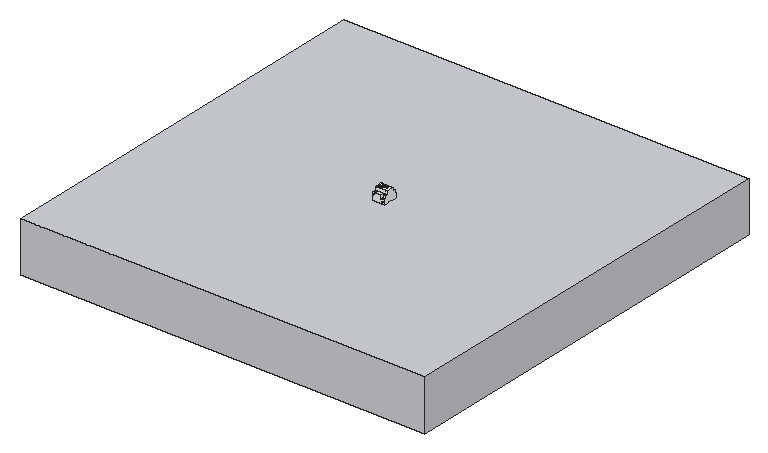
Revit family "Gira_215400", category Elektroinstallationen, Revit 2017
Family settings
  Basisbauteil = Fläche
  Beschriftungsausrichtung beibehalten = Nein
  Bemaßung runder Anschluss = Durchmesser verwenden
  Teiletyp = Normal
  Beim Laden mit Abzugskörper schneiden = Nein
  Gemeinsam genutzt = Nein
  Raumberechnungspunkt = Nein
Parameters (values of type "Jal.aktor 4f DC 24 V Hand KNX REG")
  Zusammenstellung = ""
  Zulassung nach PTB = no
  Default Elevation = 1219.2 mm
  Vor Ort-/Handbedienung = yes
  Verschiedene Phasen anschließbar = no
  Ventilschutzfunktion = no
  URL = "https://www.gira.de/"
  Typname = "Jal.aktor 4f DC 24 V Hand KNX REG"
  Type Comments = ""
  Tarifumschaltung = no
  Stromart = "DC"
  Stellgröße stetig = no
  Stellgröße schaltend = no
  Schutzart (IP) = "IP20"
  Schaltstrom ohmsch = 0 A
  S0 Impulsschnittstelle = ""
  Produktseite = "https://media.stage.bim.site/t/eyJhbGciOiJIUzI1NiIsInR5cCI6IkpXVCJ9.eyJjdCI6MiwidHUiOiJodHRwOi8va2F0YWxvZy5naXJhLmRlL2RlX0RFL2RhdGVuYmxhdHQuaHRtbD9hcnRpa2VsbnI9MjE1NDAwIiwiY2lkIjoiMzI3N2NjMjMtODFhOS00ZWUzLWE5MGEtYjQ3YmI0YzBiNjE2IiwicmlkIjoiOGU4MzBmNWVkZjdjYTg3NjBiODVkNzY4ZjlmOGYxZjMiLCJwaWQiOiIxYWEwYjhhNTA4M2I0NWNkOTBjZWUwYTJiNzBlNGRjMmFmNjljMTMxIiwic2lkIjoiNjM0NzAiLCJ1dCI6MSwibGMiOiJkZSIsImlhdCI6MTYwMDkzNzc3MiwiaXNzIjoiaHR0cHM6Ly9hcGkubGl2ZS5iaW0uc2l0ZSIsInN1YiI6ImFkbWluQGJpbXNpdGUuZGV2In0.LK_hCVWYG-TGkX0DZibyBiuhhOcA-e4VXTnW0wJeV7A"
  Montageart = "REG"
  Modulare Erweiterungsmöglichkeit = no
  Model = ""
  Mit LED-Anzeige = no
  Mit Busankopplung = yes
  Max. Schaltstrom = 0 A
  Max. Schaltleistung [Voltampere] = 0
  Max. Ausgangsstrom = 0 A
  Max. Anzahl der Schaltausgänge = 0
  Max. Anzahl der Jalousieausgänge = 4
  LED ansteuern = no
  Kosten = 0
  Hersteller = "Gira"
  HeinzeBIM = "https://www.heinze.de/bim/jal-aktor-4f-dc-24-v-hand-knx-reg/1aa0b8a5083b45cd90cee0a2b70e4dc2af69c131"
  Handschaltung = no
  HAN = "215400"
  Geeignet für C-Last = no
  GTIN = "4010337082248"
  Funktion Schalten = no
  Datenblatt 1 = "https://media.stage.bim.site/t/eyJhbGciOiJIUzI1NiIsInR5cCI6IkpXVCJ9.eyJjdCI6MSwidGYiOiJwdWJsaWMvZ2lyYS9hZThjNTU3LzIxNTQwMC50eHQiLCJjaWQiOiIzMjc3Y2MyMy04MWE5LTRlZTMtYTkwYS1iNDdiYjRjMGI2MTYiLCJyaWQiOiI4ZTgzMGY1ZWRmN2NhODc2MGI4NWQ3NjhmOWY4ZjFmMyIsInBpZCI6IjFhYTBiOGE1MDgzYjQ1Y2Q5MGNlZTBhMmI3MGU0ZGMyYWY2OWMxMzEiLCJzaWQiOiI2MzQ3MCIsInV0IjoxLCJsYyI6ImRlIiwiaWF0IjoxNjAwOTM3NzcyLCJpc3MiOiJodHRwczovL2FwaS5saXZlLmJpbS5zaXRlIiwic3ViIjoiYWRtaW5AYmltc2l0ZS5kZXYifQ.NjJnXS2Tlp1Boq0ozAowL-ODOEcTjfD4PBIlya6nQPc/215400.txt"
  Datenblatt = "https://media.stage.bim.site/t/eyJhbGciOiJIUzI1NiIsInR5cCI6IkpXVCJ9.eyJjdCI6MSwidHUiOiJodHRwczovL2thdGFsb2cuZ2lyYS5kZS9kZV9ERS9kb3dubG9hZC5odG1sP2FydGlrZWxucj0yMTU0MDAiLCJjaWQiOiIzMjc3Y2MyMy04MWE5LTRlZTMtYTkwYS1iNDdiYjRjMGI2MTYiLCJyaWQiOiI4ZTgzMGY1ZWRmN2NhODc2MGI4NWQ3NjhmOWY4ZjFmMyIsInBpZCI6IjFhYTBiOGE1MDgzYjQ1Y2Q5MGNlZTBhMmI3MGU0ZGMyYWY2OWMxMzEiLCJzaWQiOiI2MzQ3MCIsInV0IjoxLCJsYyI6ImRlIiwiaWF0IjoxNjAwOTM3NzcyLCJpc3MiOiJodHRwczovL2FwaS5saXZlLmJpbS5zaXRlIiwic3ViIjoiYWRtaW5AYmltc2l0ZS5kZXYifQ.etZcg7DlUqRAqgnYWXWnmjM0qkhVBea4aGsSrHGY-uU"
  Bussystem Powernet = no
  Bussystem LON = no
  Bussystem KNX-Funk = no
  Bussystem KNX = yes
  Bussystem Funkbus = no
  Busspannung pufferbar = no
  Busfähig = ""
  Breite in Teilungseinheiten = 4
  Blindleistung = no
  Beschreibung = "KNX Jalousieaktor 4fach DC 24 V mit Handbetätigung  REG plus Jalousieaktoren mit integrierter Busankopplung, Handbetätigung und Statusanzeige für jeden Ausgang. Zum Ansteuern von elektrisch betriebenen Jalousien, Rollläden, Markisen, Lüftungsklappen oder ähnlichen Behängen.  Merkmale:  Behangposition direkt ansteuerbar.  Lamellenstellung direkt ansteuerbar.  Verhalten bei Busspannungsausfall und -wiederkehr einstellbar.  Separat parametrierbare Fahrzeiten mit Fahrzeitverlängerung für Fahrten in die obere Endlage.  Zentrale Ansteuerung aller Jalousieausgänge möglich.  Rückmeldung der Behangposition oder der Lamellenposition.  Rückmeldungen lassen sich nach Busspannungswiederkehr verzögern.  Zuordnungen auf bis zu fünf verschiedene Sicherheitsfunktionen (drei Windalarme, ein Regenalarm, ein Frostalarm), wahlweise mit zyklischer Überwachung.  Zwangsstellungsfunktion für jeden Jalousieausgang realisierbar.  Einbeziehung in Szenen möglich, max. acht interne Szenen je Kanal sind parametrierbar.  Speicherfunktion für Lichtszenen.  Sonnenschutzfunktion mit festen und variablen Behang- oder Lamellenpositionen aktivierbar.  Erweiterter Sonnenschutz mit umfangreichen Steuerfunktionen.  Einbindung in Temperatur-Management des Gebäudes möglich.  Sperren einzelner Ausgänge per Hand oder Bus.  Aktive oder passive (Objekt auslesbar) zyklische Rückmeldefunktionen.  Baustellenbetrieb: Ausgänge manuell bedienbar ohne Busspannung nur mit der Betriebsspannung.  Für Kleinspannung DC 12 bis 48 V.  Unabhängige Ansteuerung der vier Jalousieausgänge.  Hinweise :  Montage auf DIN-Hutschiene."
  Bemessungsstrom = 0 A
  Assembly Code = ""
  Keynote = ""
  BIMSITE_PRODUCT_ID = "1aa0b8a5083b45cd90cee0a2b70e4dc2af69c131"
  BIM = "https://media.stage.bim.site/t/eyJhbGciOiJIUzI1NiIsInR5cCI6IkpXVCJ9.eyJjdCI6MSwidGYiOiJwdWJsaWMvZ2lyYS9hZThjNTU3L1JFRyA4Zi5yZmEiLCJjaWQiOiIzMjc3Y2MyMy04MWE5LTRlZTMtYTkwYS1iNDdiYjRjMGI2MTYiLCJyaWQiOiI4ZTgzMGY1ZWRmN2NhODc2MGI4NWQ3NjhmOWY4ZjFmMyIsInBpZCI6IjFhYTBiOGE1MDgzYjQ1Y2Q5MGNlZTBhMmI3MGU0ZGMyYWY2OWMxMzEiLCJzaWQiOiI2MzQ3MCIsInV0Ijo1LCJsYyI6ImRlIiwiaWF0IjoxNjAwOTM3NzcyLCJpc3MiOiJodHRwczovL2FwaS5saXZlLmJpbS5zaXRlIiwic3ViIjoiYWRtaW5AYmltc2l0ZS5kZXYifQ.IgBkgr6dc9WWCnXhmFk_QMMjm7f_Fi9W4LrQ5SwV4Gc/REG 8f.rfa"
  Ausgangsstrom [Ampere] = ""
  Ausgangsspannung [Volt] = ""
  Ausführung Text = ""
  Art der Spannungsversorgung = ""
  Anzahl der binären Eingänge = 0
  Anzahl der Eingänge = 1
  Anzahl der Ausgänge = 0
  Anschlussart = ""
  Andere Bussysteme = "ohne"
Reference planes
  plane 1 "Center (Front/Back)": y = 0
  plane 2: z = 0
  plane 3 "Center (Left/Right)": x = 0
Forms (mm)
  Extrusion 1, solid
    sketch origin (0, 0, 0) x (1, 0, 0) y (0, 1, 0)
      loop
        line (-1219.2, 1219.2) -> (-1219.2, -1219.2) -> (1219.2, -1219.2) -> (1219.2, 1219.2) -> (-1219.2, 1219.2)
    from 0 to -304.8
  Extrusion 2, solid, material "White", detail levels fine
    sketch origin (0, 0, 0) x (0, 1, 0) y (0, 0, 1)
      loop
        line (45.125, -2.619) -> (45.125, 24.95) -> (33.875, 24.95) -> (33.875, 43.8) -> (22.575, 43.8) -> (22.575, 62.05)
        arc (22.575, 62.05) -> (22.311, 62.686) -> (21.675, 62.95) r 0.9
        line (21.675, 62.95) -> (-21.175, 62.95)
        arc (-21.175, 62.95) -> (-21.785, 62.758) -> (-22.175, 62.25) r 1.064
        line (-22.175, 62.25) -> (-22.175, 43.8) -> (-44.725, 43.8) -> (-44.725, -2.619)
        arc (-44.725, -2.619) -> (-31.081, -5.433) -> (-17.243, -7.049) r 160
        line (-17.243, -7.049) -> (-13.165, -1.734) -> (-16.399, -0.807) -> (-16.399, 0) -> (17.8, 0) -> (17.8, -1.4) -> (16.8, -1.4) -> (14.749, -4.952)
        arc (14.749, -4.952) -> (18.64, -6.184) -> (22.7, -6.6) r 20
        arc (22.7, -6.6) -> (33.983, -5.009) -> (45.125, -2.619) r 160
    from -36 to 36
  Extrusion 3, void, detail levels fine
    sketch origin (0, 0, 0) x (1, 0, 0) y (0, 1, 0)
      loop
        circle (30, 26.925) r 2.55
      loop
        circle (21.75, 26.925) r 2.55
      loop
        circle (12.75, 26.925) r 2.55
      loop
        circle (4.5, 26.925) r 2.55
      loop
        circle (-4.5, 26.925) r 2.55
      loop
        circle (-12.75, 26.925) r 2.55
      loop
        circle (-21.75, 26.925) r 2.55
      loop
        circle (-30, 26.925) r 2.55
    from 37.936 to 43.8
  Extrusion 4, void, detail levels fine
    sketch origin (0, 11.25, -18.85) x (1, 0, 0) y (0, 1, 0)
      loop
        circle (30, 26.925) r 2.55
      loop
        circle (21.75, 26.925) r 2.55
      loop
        circle (12.75, 26.925) r 2.55
      loop
        circle (4.5, 26.925) r 2.55
      loop
        circle (-4.5, 26.925) r 2.55
      loop
        circle (-12.75, 26.925) r 2.55
      loop
        circle (-21.75, 26.925) r 2.55
      loop
        circle (-30, 26.925) r 2.55
    from 37.936 to 43.8
  Extrusion 5, void, detail levels fine
    sketch origin (0, 0, 0) x (1, 0, 0) y (0, 1, 0)
      loop
        circle (-13, -3.875) r 3
      loop
        circle (-23, -3.875) r 3
      loop
        circle (-23, -13.875) r 3
      loop
        circle (-13, -13.875) r 3
      loop
        circle (-29, -3.875) r 1.575
      loop
        circle (-29, -13.875) r 1.575
      loop
        circle (-7, -13.875) r 1.575
      loop
        circle (-15.4, 5.325) r 1.625
      loop
        circle (-11, 5.325) r 1.575
      loop
        circle (-6.6, 5.325) r 1.625
      loop
        circle (-2.2, 5.325) r 1.625
      loop
        circle (2.2, 5.325) r 1.625
      loop
        circle (6.6, 5.325) r 1.625
      loop
        circle (11, 5.325) r 1.575
      loop
        circle (15.4, 5.325) r 1.625
    from 58.253 to 62.95
  Extrusion 6, void, detail levels fine
    sketch origin (0, 0, 0) x (1, 0, 0) y (0, 1, 0)
      loop
        line (-32.175, -32.6) -> (-32.175, -34.9) -> (-31.24, -34.36) -> (-31.401, -37.165) -> (-32.175, -36.7) -> (-32.175, -44.875) -> (-20.175, -44.875) -> (-20.175, -37.33) -> (-19.075, -37.965) -> (-19.075, -33.635) -> (-20.175, -34.27) -> (-20.175, -32.6) -> (-32.175, -32.6)
    from 28.5 to 43.8
  Extrusion 7, solid, detail levels fine
    sketch origin (0, 0, 0) x (1, 0, 0) y (0, 1, 0)
      loop
        circle (-29.375, -36.2) r 0.5
      loop
        circle (-23.575, -36.2) r 0.5
    from 28.5 to 37.5
  Extrusion 8, void, detail levels fine
    sketch origin (0, 0, 0) x (1, 0, 0) y (0, 1, 0)
      loop
        line (15.289, -31.489) -> (15.289, -44.875) -> (36, -44.875) -> (36, -31.489) -> (15.289, -31.489)
    from 25 to 43.8
  Extrusion 9, void, detail levels fine
    sketch origin (0, 0, 0) x (1, 0, 0) y (0, 1, 0)
      loop
        circle (21.75, -37.925) r 2.55
      loop
        circle (30, -37.925) r 2.55
    from 19.086 to 24.95
  Extrusion 10, void, detail levels fine
    sketch origin (0, 0, 0) x (1, 0, 0) y (0, 0, 1)
      loop
        line (32.368, 26.75) -> (32.35, 28.865) -> (32.319, 32.45) -> (27.731, 32.45) -> (27.682, 26.75) -> (32.368, 26.75)
      loop
        line (24.118, 26.75) -> (24.1, 28.865) -> (24.069, 32.45) -> (19.481, 32.45) -> (19.432, 26.75) -> (24.118, 26.75)
      loop
        line (15.118, 26.75) -> (15.1, 28.865) -> (15.069, 32.45) -> (10.481, 32.45) -> (10.432, 26.75) -> (15.118, 26.75)
      loop
        line (6.868, 26.75) -> (6.85, 28.865) -> (6.819, 32.45) -> (2.231, 32.45) -> (2.182, 26.75) -> (6.868, 26.75)
      loop
        line (-2.182, 26.75) -> (-2.2, 28.865) -> (-2.231, 32.45) -> (-6.819, 32.45) -> (-6.868, 26.75) -> (-2.182, 26.75)
      loop
        line (-10.432, 26.75) -> (-10.45, 28.865) -> (-10.481, 32.45) -> (-15.069, 32.45) -> (-15.118, 26.75) -> (-10.432, 26.75)
      loop
        line (-19.35, 26.75) -> (-19.369, 28.865) -> (-19.4, 32.45) -> (-23.987, 32.45) -> (-24.037, 26.75) -> (-19.35, 26.75)
      loop
        line (-27.682, 26.75) -> (-27.7, 28.865) -> (-27.731, 32.45) -> (-32.319, 32.45) -> (-32.368, 26.75) -> (-27.682, 26.75)
    from -29.206 to -33.875
  Extrusion 11, void, detail levels fine
    sketch origin (0, 11.25, -19.567) x (1, 0, 0) y (0, 0, 1)
      loop
        line (32.368, 26.75) -> (32.35, 28.865) -> (32.319, 32.45) -> (27.731, 32.45) -> (27.682, 26.75) -> (32.368, 26.75)
      loop
        line (24.118, 26.75) -> (24.1, 28.865) -> (24.069, 32.45) -> (19.481, 32.45) -> (19.432, 26.75) -> (24.118, 26.75)
      loop
        line (15.118, 26.75) -> (15.1, 28.865) -> (15.069, 32.45) -> (10.481, 32.45) -> (10.432, 26.75) -> (15.118, 26.75)
      loop
        line (6.868, 26.75) -> (6.85, 28.865) -> (6.819, 32.45) -> (2.231, 32.45) -> (2.182, 26.75) -> (6.868, 26.75)
      loop
        line (-2.182, 26.75) -> (-2.2, 28.865) -> (-2.231, 32.45) -> (-6.819, 32.45) -> (-6.868, 26.75) -> (-2.182, 26.75)
      loop
        line (-10.432, 26.75) -> (-10.45, 28.865) -> (-10.481, 32.45) -> (-15.069, 32.45) -> (-15.118, 26.75) -> (-10.432, 26.75)
      loop
        line (-19.35, 26.75) -> (-19.369, 28.865) -> (-19.4, 32.45) -> (-23.987, 32.45) -> (-24.037, 26.75) -> (-19.35, 26.75)
      loop
        line (-27.682, 26.75) -> (-27.7, 28.865) -> (-27.731, 32.45) -> (-32.319, 32.45) -> (-32.368, 26.75) -> (-27.682, 26.75)
    from -29.206 to -33.875
  Extrusion 12, void, detail levels fine
    sketch origin (0, 0, 0) x (1, 0, 0) y (0, 0, 1)
      loop
        line (32.319, 12.883) -> (27.731, 12.883) -> (27.682, 7.183) -> (32.368, 7.183) -> (32.35, 9.298) -> (32.319, 12.883)
      loop
        line (24.069, 12.883) -> (19.481, 12.883) -> (19.432, 7.183) -> (24.118, 7.183) -> (24.1, 9.298) -> (24.069, 12.883)
    from 40.588 to 44.725
  Extrusion 13, solid, material "White", detail levels fine
    sketch origin (0, 0, 0) x (1, 0, 0) y (0, 1, 0)
      loop
        circle (-15.4, 5.325) r 1.625
      loop
        circle (-11, 5.325) r 1.575
      loop
        circle (-6.6, 5.325) r 1.625
      loop
        circle (-2.2, 5.325) r 1.625
      loop
        circle (2.2, 5.325) r 1.625
      loop
        circle (6.6, 5.325) r 1.625
      loop
        circle (11, 5.325) r 1.575
      loop
        circle (15.4, 5.325) r 1.625
      loop
        circle (-29, -3.875) r 1.575
      loop
        circle (-29, -13.875) r 1.575
      loop
        circle (-7, -13.875) r 1.575
    from 58.253 to 62.25
  Extrusion 14, solid, material "White", detail levels fine
    sketch origin (0, 0, 0) x (1, 0, 0) y (0, 1, 0)
      loop
        circle (-23, -3.875) r 3
      loop
        circle (-13, -3.875) r 3
      loop
        circle (-23, -13.875) r 3
      loop
        circle (-13, -13.875) r 3
    from 58.253 to 63.841
  Extrusion 15, solid, material "White", detail levels medium
    sketch origin (0, 0, 0) x (0, 1, 0) y (0, 0, 1)
      loop
        line (45.125, -7.049) -> (45.125, 24.95) -> (33.875, 24.95) -> (33.875, 43.8) -> (22.575, 43.8) -> (22.575, 63.841) -> (-22.175, 63.841) -> (-22.175, 43.8) -> (-44.725, 43.8) -> (-44.725, -7.049) -> (45.125, -7.049)
    from -36 to 36
  Extrusion 16, solid, material "White", detail levels coarse
    sketch origin (0, 0, 0) x (0, 1, 0) y (0, 0, 1)
      loop
        line (45.125, -7.049) -> (45.125, 63.841) -> (-44.725, 63.841) -> (-44.725, -7.049) -> (45.125, -7.049)
    from -36 to 36
Cuts and joins
  Extrusion 3, Extrusion 4, Extrusion 5, Extrusion 6, Extrusion 8, Extrusion 9, Extrusion 10, Extrusion 11, Extrusion 12 cuts Extrusion 2
Dimensions and locks
  aligned and locked: plane 2 to Extrusion 1
  aligned and locked: level to Extrusion 1
